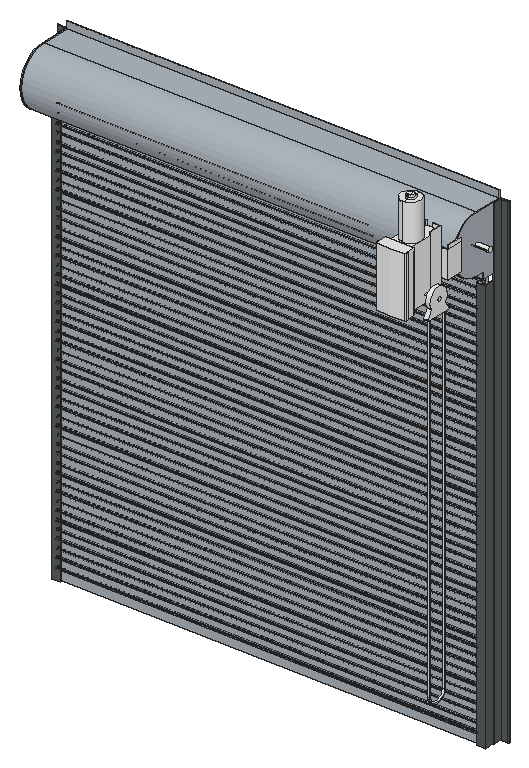
Revit family "Doors_Fire-Doors-Shutters_Wayne-Dalton_Insulated-Fire-Rated-Doors-FireStar-Model-700C_", category Specialty Equipment, host Wall, Revit 2019 (continued)
Definition of nested family "700C"
  Automatic sketch dimensions
    curve 5 to curve 7 = 0"
    curve 3 to curve 2 = 0"  (x2)
    curve 6 to curve 7 = 0"
    curve 4 to curve 3 = 0"
    curve 2 to plane 6 = 7.10337"
    curve 5 to plane 6 = 7.10337"
    curve 4 to curve 5 = 0"
    curve 6 to curve 5 = 0"
    curve 7 to curve 5 = 0"
    curve 2 to curve 1 = 2.35433"
    Extrusion 1 sketch curve to Extrusion 1 sketch curve = 0"  (x26)
    curve 1 to Extrusion 1 sketch curve = 4.98194"
    curve 1 to Extrusion 1 sketch curve = 0.53603"
    Extrusion 1 sketch curve to Extrusion 1 sketch curve = 0.06"  (x9)
    curve 1 to Extrusion 1 sketch curve = 0.81676"
    Extrusion 1 sketch curve to Extrusion 1 sketch curve = 0.02201"
    Extrusion 1 sketch curve to Extrusion 1 sketch curve = 0.00299"
    Extrusion 1 sketch curve to Extrusion 1 sketch curve = 0.025"  (x6)
    Extrusion 1 sketch curve to Extrusion 1 sketch curve = 0.1383"  (x4)
    Extrusion 1 sketch curve to Extrusion 1 sketch curve = 0.00862"  (x4)
    Extrusion 1 sketch curve to Extrusion 1 sketch curve = 0.12192"
    Extrusion 1 sketch curve to Extrusion 1 sketch curve = 0.21392"  (x5)
    Extrusion 1 sketch curve to Extrusion 1 sketch curve = 0.15392"
    Extrusion 1 sketch curve to Extrusion 1 sketch curve = 0.45808"  (x5)
    Extrusion 1 sketch curve to Extrusion 1 sketch curve = 0.58299"
    Extrusion 1 sketch curve to Extrusion 1 sketch curve = 0.01017"  (x5)
    curve 1 to Extrusion 1 sketch curve = 3.33821"
    curve 1 to Extrusion 1 sketch curve = 0.88821"
    Extrusion 1 sketch curve to Extrusion 1 sketch curve = 0.085"
    Extrusion 1 sketch curve to Extrusion 1 sketch curve = 1.75626"  (x4)
    Extrusion 1 sketch curve to Extrusion 1 sketch curve = 0.25114"  (x4)
    Extrusion 1 sketch curve to Extrusion 1 sketch curve = 0.00603"  (x3)
    Extrusion 1 sketch curve to Extrusion 1 sketch curve = 0.21577"  (x4)
    Extrusion 1 sketch curve to Extrusion 1 sketch curve = 0.2538"
    Extrusion 1 sketch curve to Extrusion 1 sketch curve = 0.06721"
    Extrusion 1 sketch curve to Extrusion 1 sketch curve = 0.04697"
    Extrusion 1 sketch curve to Extrusion 1 sketch curve = 0.09209"
    Extrusion 1 sketch curve to Extrusion 1 sketch curve = 0.14265"
    Extrusion 1 sketch curve to Extrusion 1 sketch curve = 0.11326"
  Nested families (in)
    nested 1: "Perforation" at (0, 0.375, 0.896), visible <- "Fenestration", Perforation <- "Cutout Material", type "Perforation"
      with Perforation none, Thickness 3/4"
    nested 2: "Perforation" at (0, 0.375, 3.346), visible <- "Fenestration", Perforation <- "Cutout Material", type "Perforation"
      with Perforation none, Thickness 3/4"
    nested 3: "Perforation" at (0, 0.375, 5.796), visible <- "Fenestration", Perforation <- "Cutout Material", type "Perforation"
      with Perforation none, Thickness 3/4"
    nested 4: "Perforation" at (0, 0.375, 8.246), visible <- "Fenestration", Perforation <- "Cutout Material", type "Perforation"
      with Perforation none, Thickness 3/4"
    nested 5: "Perforation" at (0, 0.375, 10.696), visible <- "Fenestration", Perforation <- "Cutout Material", type "Perforation"
      with Perforation none, Thickness 3/4"
    nested 6: "Perforation" at (0, 0.375, 10.696), visible <- "Perforation", Perforation <- "Cutout Material Perforation", type "Perforation"
      with Perforation none, Thickness 3/4"
    nested 7: "Perforation" at (0, 0.375, 8.246), visible <- "Perforation", Perforation <- "Cutout Material Perforation", type "Perforation"
      with Perforation none, Thickness 3/4"
    nested 8: "Perforation" at (0, 0.375, 5.796), visible <- "Perforation", Perforation <- "Cutout Material Perforation", type "Perforation"
      with Perforation none, Thickness 3/4"
    nested 9: "Perforation" at (0, 0.375, 3.346), visible <- "Perforation", Perforation <- "Cutout Material Perforation", type "Perforation"
      with Perforation none, Thickness 3/4"
    nested 10: "Perforation" at (0, 0.375, 0.896), visible <- "Perforation", Perforation <- "Cutout Material Perforation", type "Perforation"
      with Perforation none, Thickness 3/4"
  Definition of nested family "Perforation"
    Parameters (values of type "Perforation")
      Thickness = 0.06"
      Perforation [instance] = none
      Opening Width = 123 5/8"
      Offset = 1"
      Height = 3/4"
      Default Elevation = 48"
    Reference planes (in)
      plane 1 "Center (Front/Back)": y = 0
      plane 2: z = 0
      plane 3 "Center (Left/Right)": x = 0
      plane 4: z = 0.375
      plane 5: z = -0.375
      plane 6: y = -0.03
      plane 7: y = 0.03
      plane 8: x = -61.8125
      plane 9: x = 61.8125
      plane 10: x = -60.8125
      plane 11: x = 60.8125
    Forms (in)
      Extrusion 1, solid, material <- "Perforation"
        sketch origin (0, -0.19, 0) x (0, 1, 0) y (0, 0, 1)
          loop
            line (0.16, 0.375) -> (0.16, -0.375) -> (0.22, -0.375) -> (0.22, 0.375) -> (0.16, 0.375)
        from -60.8125 to 60.8125
    Dimensions and locks (in)
      equal spacing: plane 4, level, plane 5
      "Height": plane 4 to plane 5
      equal spacing: plane 6, plane 1 "Center (Front/Back)", plane 7
      "Thickness": plane 6 to plane 7
      "Opening Width": plane 8 to plane 9
      "Offset": plane 8 to plane 10
      "Offset": plane 9 to plane 11
      equal spacing: plane 8, plane 3 "Center (Left/Right)", plane 9
      aligned and locked: plane 2 to level
      aligned and locked: plane 4 to Extrusion 1
      aligned and locked: Extrusion 1 to plane 5
      aligned and locked: plane 6 to Extrusion 1
      aligned and locked: plane 7 to Extrusion 1
      aligned and locked: Extrusion 1 to plane 10
      aligned and locked: plane 11 to Extrusion 1
    Automatic sketch dimensions
      Extrusion 1 sketch curve to level = 3/8"
      plane 1 "Center (Front/Back)" to Extrusion 1 sketch curve = 0.03"
      Extrusion 1 sketch curve to plane 1 "Center (Front/Back)" = 0.03"
      plane 4 to Extrusion 1 sketch curve = 0"
Definition of nested family "Lifts"
  Parameters (values of type "Frame Unit")
    Void Offset = if(Manual, Header Width, 2")  # 16"
    True Width = if(Between Jambs, Opening Width, Opening Width + 1/2")  # 120 1/2"
    Slat Option = 1
    Side Clearance R = 9 1/16"
    Side Clearance L = 7 1/16"
    Round Hood [instance] = 1 = 1  # yes
    Rough Width = 0"
    Rough Height = 0"
    No Hood [instance] = no
    Manual = yes
    M Value = 3 5/16"
    Hood Offset = 2"
    Hood Height = Headroom Height Real - Hood Offset  # 16"
    Headroom Height Real = Headroom Height  # 18"
    Half Hood Height = Headroom Height - Hood Offset  # 16"
    Guide Z Wide R = if(Between Jambs, (Guide Offset R - G Value) / 3 * 2, G Value - 1/4")  # 2 9/16"
    Guide Z Wide L = if(Between Jambs, (Guide Offset L - G Value) / 3 * 2, G Value - 1/4")  # 2 9/16"
    Guide Offset R = BJ Displacement R + G Value  # 2 13/16"
    Guide Offset L = BJ Displacement L + G Value  # 2 13/16"
    G Value = 2 13/16"
    E Guide Width R = if(Between Jambs, (Guide Offset R - G Value) / 3 * 2, 3")  # 3"
    E Guide Width L = if(Between Jambs, (Guide Offset L - G Value) / 3 * 2, 3")  # 3"
    E Guide Height = 3"  # constant formula
    Z Guide = 1 = 1  # yes
    Slat Material = none
    Shaft Offset = (Hood Height - 2") / 2  # 7"
    Shaft Material = none
    Shaft Length 2 = G Value + 4"  # 6 13/16"
    Shaft Length 1 = G Value + 4"  # 6 13/16"
    Setback = if(Between Jambs, 0", 1/4")  # 1/4"
    Radius Hood = Shaft Offset  # 7"
    Opening Width = 120"
    Hood Material = none
    Headroom Height = 18"
    Header Width = 16"
    Opening Height = 120"
    Guide Type = if(Between Jambs, "Angled Between Jambs Z Guide", if(Guide Option > 1, "Angled Z Guide", "Angled E Guide"))  # "Angled Z Guide"
    Guide Option = if(Between Jambs, 1, 2)  # 2
    Guide Z Height = 2 3/4"  # constant formula
    Floor To (CL) of Shaft = 131"
    Finish Material = none
    Face to Wall Mount = not(Between Jambs)  # yes
    E Guide = if(Between Jambs, 1 = 1, 1 = 2)  # no
    D Value = 5 1/2"
    Between Jambs = no
    BJ Position = if(Between Jambs, 1/4", 0")  # 0"
    BJ Displacement R = if(Face to Wall Mount, 0", Side Clearance R - G Value)  # 0"
    BJ Displacement L = if(Face to Wall Mount, 0", Side Clearance L - G Value)  # 0"
    Angled Guide = 1 = 1  # yes
  Reference planes (in)
    plane 1 "Center (Front/Back)": y = 0
    plane 2: z = 0
    plane 3 "Center (Left/Right)": x = 0
    plane 4 "Opening Height": z = 120
    plane 5: x = -66.8125
    plane 6: x = 66.8125
    plane 7: z = 138
    plane 8: y = 16
    plane 9 "Real Opening 2": x = -60
    plane 10 "Real Opening 1": x = 60
    plane 11: z = 122
    plane 12 "Main": y = 0
    plane 13: z = 131
    plane 14: y = 9
    plane 15: x = 62.8125
    plane 16: x = -62.8125
    plane 17: x = -62.8125
    plane 18: x = 62.8125
    plane 19: y = 5.5
    plane 20: x = -62.5625
    plane 21: x = 62.5625
    plane 22: z = 140
    plane 23: y = 5.5
    plane 24: y = 4.375
    plane 25: y = 5.5
    plane 26: y = 4.375
  Forms (in)
    Extrusion 1, solid, material <- "Slat Material"
      sketch origin (0, 0, 0) x (0, 1, 0) y (0, 0, 1)
        loop
          line (4.75, 2.375) -> (4.75, 2.75) -> (4, 2.75) -> (4, 2.375) -> (4.75, 2.375)
      from -62.5625 to 62.5625
    Extrusion 2, solid, material <- "Slat Material"
      sketch origin (0, 0, 0) x (0, 1, 0) y (0, 0, 1)
        loop
          line (4.75, 2.375) -> (4, 2.375) -> (4, 0) -> (4.75, 0) -> (4.75, 2.375)
      from -62.5625 to 62.5625
    Extrusion 3, solid, material <- "Shaft Material"
      sketch origin (0, -5.35201, 0) x (0, 1, 0) y (0, 0, 1)
        loop
          circle (14.35201, 131) r 0.6
      from -66.8125 to 66.8125
    Extrusion 4, solid, material <- "Hood Material"
      sketch origin (0, 0, 0) x (0, 1, 0) y (0, 0, 1)
        loop
          line (0, 138) -> (0, 122) -> (6, 122) -> (6, 124) -> (9, 124)
          arc (9, 124) -> (16, 131) -> (9, 138) r 7
          line (9, 138) -> (0, 138)
      from -62.8125 to 62.8125
    Extrusion 5, solid, material <- "Finish Material", visible <- "E Guide"
      sketch origin (0, 0, 0) x (1, 0, 0) y (0, 1, 0)
        loop
          line (59.8125, 0) -> (62.8125, 0) -> (62.8125, 3) -> (62.75, 3)
          arc (62.75, 3) -> (62.61742, 2.94508) -> (62.5625, 2.8125) r 0.1875
          line (62.5625, 2.8125) -> (62.5625, 0.25) -> (60, 0.25)
          arc (60, 0.25) -> (59.86742, 0.19508) -> (59.8125, 0.0625) r 0.1875
          line (59.8125, 0.0625) -> (59.8125, 0)
        loop
          line (-59.8125, 0) -> (-59.8125, 0.0625)
          arc (-59.8125, 0.0625) -> (-59.86742, 0.19508) -> (-60, 0.25) r 0.1875
          line (-60, 0.25) -> (-62.5625, 0.25) -> (-62.5625, 2.8125)
          arc (-62.5625, 2.8125) -> (-62.61742, 2.94508) -> (-62.75, 3) r 0.1875
          line (-62.75, 3) -> (-62.8125, 3) -> (-62.8125, 0) -> (-59.8125, 0)
      from 0 to 138
    Extrusion 6, solid, material <- "Finish Material", visible <- "Z Guide"
      sketch origin (0, 0, 0) x (1, 0, 0) y (0, 1, 0)
        loop
          line (65.375, 0) -> (65.375, 0.062)
          arc (65.375, 0.062) -> (65.31994, 0.19494) -> (65.187, 0.25) r 0.188
          line (65.187, 0.25) -> (63.0625, 0.25) -> (63.0625, 2.562)
          arc (63.0625, 2.562) -> (63.00744, 2.69494) -> (62.8745, 2.75) r 0.188
          line (62.8745, 2.75) -> (62.8125, 2.75) -> (62.8125, 0) -> (65.375, 0)
        loop
          line (-65.375, 0) -> (-62.8125, 0) -> (-62.8125, 2.75) -> (-62.8745, 2.75)
          arc (-62.8745, 2.75) -> (-63.00744, 2.69494) -> (-63.0625, 2.562) r 0.188
          line (-63.0625, 2.562) -> (-63.0625, 0.25) -> (-65.187, 0.25)
          arc (-65.187, 0.25) -> (-65.31994, 0.19494) -> (-65.375, 0.062) r 0.188
          line (-65.375, 0.062) -> (-65.375, 0)
      from 0 to 138
    Extrusion 7, solid, material <- "Finish Material", visible <- "Angled Guide"
      sketch origin (0, 0, 0) x (1, 0, 0) y (0, 1, 0)
        loop
          line (60.25, 5.5) -> (60.25, 5.437)
          arc (60.25, 5.437) -> (60.30477, 5.30477) -> (60.437, 5.25) r 0.187
          line (60.437, 5.25) -> (62.5625, 5.25) -> (62.5625, 3.5) -> (60.25, 3.5) -> (60.25, 3.437)
          arc (60.25, 3.437) -> (60.30477, 3.30477) -> (60.437, 3.25) r 0.187
          line (60.437, 3.25) -> (62.3125, 3.25) -> (62.3125, 1.25) -> (62.8125, 1.25) -> (62.8125, 5.5) -> (60.25, 5.5)
        loop
          line (-60.25, 5.5) -> (-62.8125, 5.5) -> (-62.8125, 1.25) -> (-62.3125, 1.25) -> (-62.3125, 3.25) -> (-60.437, 3.25)
          arc (-60.437, 3.25) -> (-60.30477, 3.30477) -> (-60.25, 3.437) r 0.187
          line (-60.25, 3.437) -> (-60.25, 3.5) -> (-62.5625, 3.5) -> (-62.5625, 5.25) -> (-60.437, 5.25)
          arc (-60.437, 5.25) -> (-60.30477, 5.30477) -> (-60.25, 5.437) r 0.187
          line (-60.25, 5.437) -> (-60.25, 5.5)
      from 0 to 120
    Extrusion 8, solid, material <- "Hood Material"
      sketch origin (0, 35, 0) x (0, 1, 0) y (0, 0, 1)
        loop
          line (-35, 138) -> (-35, 122) -> (-29, 122) -> (-29, 124) -> (-26, 124)
          arc (-26, 124) -> (-19, 131) -> (-26, 138) r 7
          line (-26, 138) -> (-35, 138)
      from -62.5625 to 62.5625
    Extrusion 9, void
      sketch origin (0, 0, 0) x (0, 1, 0) y (0, 0, 1)
        loop
          line (0, 138) -> (0, 122) -> (16, 122) -> (16, 138) -> (0, 138)
      from -62.5625 to 62.5625
    Extrusion 10, void
      sketch origin (0, 16, 76.97313) x (0, 0, 1) y (-1, 0, 0)
        loop
          line (63.02687, 69.0625) -> (47.02687, 69.0625) -> (47.02687, 60) -> (63.02687, 60) -> (63.02687, 69.0625)
      from 16 <- "Void Offset" to 0
  Cuts and joins
    Extrusion 9 cuts Extrusion 4
    Extrusion 10 cuts Extrusion 6
  Lines and regions (in)
    Masking region 1
      outline origin (0, 0, 0) x (1, 0, 0) y (0, 1, 0)
        loop
          line (66.8125, 9.6) -> (62.8125, 9.6) -> (62.8125, 8.4) -> (66.8125, 8.4) -> (66.8125, 9.6)
        loop
          line (-66.8125, 8.4) -> (-62.8125, 8.4) -> (-62.8125, 9.6) -> (-66.8125, 9.6) -> (-66.8125, 8.4)
    Masking region 2
      outline origin (0, 0, 0) x (1, 0, 0) y (0, 1, 0)
        loop
          line (-62.8125, 16) -> (-62.8125, 0) -> (62.8125, 0) -> (62.8125, 16) -> (-62.8125, 16)
    Masking region 3, visible <- "E Guide"
      outline origin (0, 0, 0) x (1, 0, 0) y (0, 1, 0)
        loop
          line (-62.8125, 3) -> (-62.8125, 0) -> (-59.8125, 0) -> (-59.8125, 0.0625)
          arc (-59.8125, 0.0625) -> (-59.86742, 0.19508) -> (-60, 0.25) r 0.1875
          line (-60, 0.25) -> (-62.5625, 0.25) -> (-62.5625, 2.8125)
          arc (-62.5625, 2.8125) -> (-62.61742, 2.94508) -> (-62.75, 3) r 0.1875
          line (-62.75, 3) -> (-62.8125, 3)
        loop
          line (62.8125, 0) -> (62.8125, 3) -> (62.75, 3)
          arc (62.75, 3) -> (62.61742, 2.94508) -> (62.5625, 2.8125) r 0.1875
          line (62.5625, 2.8125) -> (62.5625, 0.25) -> (60, 0.25)
          arc (60, 0.25) -> (59.86742, 0.19508) -> (59.8125, 0.0625) r 0.1875
          line (59.8125, 0.0625) -> (59.8125, 0) -> (62.8125, 0)
    Masking region 4
      outline origin (0, 0, 0) x (1, 0, 0) y (0, 1, 0)
        loop
          line (-63.0625, 0.25) -> (-65.187, 0.25)
          arc (-65.187, 0.25) -> (-65.31994, 0.19494) -> (-65.375, 0.062) r 0.188
          line (-65.375, 0.062) -> (-65.375, 0) -> (-62.8125, 0) -> (-62.8125, 2.75) -> (-62.8745, 2.75)
          arc (-62.8745, 2.75) -> (-63.00744, 2.69494) -> (-63.0625, 2.562) r 0.188
          line (-63.0625, 2.562) -> (-63.0625, 0.25)
        loop
          line (62.8125, 2.75) -> (62.8125, 0) -> (65.375, 0) -> (65.375, 0.062)
          arc (65.375, 0.062) -> (65.31994, 0.19494) -> (65.187, 0.25) r 0.188
          line (65.187, 0.25) -> (63.0625, 0.25) -> (63.0625, 2.562)
          arc (63.0625, 2.562) -> (63.00744, 2.69494) -> (62.8745, 2.75) r 0.188
          line (62.8745, 2.75) -> (62.8125, 2.75)
    symbolic lines
      curve 1: line (-62.5625, 0, 0) -> (-62.5625, 16, 0)
      curve 2: line (62.5625, 16, 0) -> (62.5625, 0, 0)
  Dimensions and locks (in)
    Extrusion 1 sketch curve to level = 2 3/8"
    Extrusion 1 sketch curve to Extrusion 1 sketch curve = 3/4"
    locked: Extrusion 2 sketch curve to level at 2.375
    "Headroom Height Real": plane 7 to plane 4 "Opening Height"
    plane 8 to plane 1 "Center (Front/Back)" = 16"
    "Opening Height": plane 4 "Opening Height" to level
    "Hood Offset": plane 11 to plane 4 "Opening Height"
    "BJ Position": plane 12 "Main" to plane 1 "Center (Front/Back)"
    "Header Width": plane 12 "Main" to plane 8
    "Floor To (CL) of Shaft": plane 13 to level
    "Shaft Offset": Extrusion 3 sketch curve to plane 8
    locked: Extrusion 2 sketch curve to Extrusion 2 sketch curve at 0.75
    "Shaft Offset": plane 8 to plane 14
    locked: Masking region 1 sketch curve to Masking region 1 sketch curve at 1.2
    locked: Masking region 1 sketch curve to plane 14 at 0.6
    "Guide Offset L": plane 10 "Real Opening 1" to plane 15
    "Guide Offset R": plane 16 to plane 9 "Real Opening 2"
    locked: Extrusion 5 sketch curve to Extrusion 5 sketch curve at 0.25  (x4)
    "E Guide Height": Extrusion 5 sketch curve to Extrusion 5 sketch curve  (x2)
    "E Guide Width L": Extrusion 5 sketch curve to Extrusion 5 sketch curve
    "E Guide Width R": Extrusion 5 sketch curve to Extrusion 5 sketch curve
    locked: Extrusion 6 sketch curve to Extrusion 6 sketch curve at 0.25  (x4)
    "Guide Z Wide L": Extrusion 6 sketch curve to Extrusion 6 sketch curve
    "Guide Z Height": Extrusion 6 sketch curve to Extrusion 6 sketch curve  (x2)
    "Guide Z Wide R": Extrusion 6 sketch curve to Extrusion 6 sketch curve
    locked: Extrusion 7 sketch curve to Extrusion 7 sketch curve at 0.25  (x6)
    locked: Extrusion 7 sketch curve to Extrusion 7 sketch curve at 2.25  (x2)
    locked: Extrusion 7 sketch curve to Extrusion 7 sketch curve at 4.25  (x2)
    "Setback": plane 10 "Real Opening 1" to Extrusion 7 sketch curve
    "Setback": Extrusion 7 sketch curve to plane 9 "Real Opening 2"
    "G Value": Extrusion 6 sketch curve to plane 9 "Real Opening 2"
    "G Value": plane 10 "Real Opening 1" to Extrusion 6 sketch curve
    "G Value": plane 10 "Real Opening 1" to plane 18
    "G Value": plane 17 to plane 9 "Real Opening 2"
    "Shaft Length 1": plane 5 to plane 9 "Real Opening 2"
    "Shaft Length 2": plane 6 to plane 10 "Real Opening 1"
    locked: Extrusion 2 to plane 18 at 0.25
    locked: Extrusion 2 to plane 17 at 0.25
    locked: plane 17 to plane 20 at 0.25
    locked: plane 21 to plane 18 at 0.25
    equal spacing: plane 9 "Real Opening 2", plane 3 "Center (Left/Right)", plane 10 "Real Opening 1"
    "Opening Width": plane 9 "Real Opening 2" to plane 10 "Real Opening 1"
    locked: plane 22 to plane 7 at 2
    "D Value": plane 1 "Center (Front/Back)" to plane 19
    "D Value": plane 23 to plane 1 "Center (Front/Back)"
    locked: plane 23 to plane 24 at 1.125
    equal spacing: Extrusion 1 sketch curve, plane 24, Extrusion 1 sketch curve
    "D Value": plane 25 to plane 1 "Center (Front/Back)"
    locked: plane 25 to plane 26 at 1.125
    equal spacing: Extrusion 2 sketch curve, plane 26, Extrusion 2 sketch curve
    "G Value": plane 10 "Real Opening 1" to Extrusion 7 sketch curve
    "G Value": Extrusion 7 sketch curve to plane 9 "Real Opening 2"
    locked: Extrusion 4 sketch curve to Extrusion 4 sketch curve at 6
    "Shaft Offset": Extrusion 4 sketch curve to plane 8
    locked: Extrusion 4 sketch curve to plane 11 at 2
    Extrusion 6 to plane 8 = 16"
    locked: Extrusion 8 sketch curve to Extrusion 8 sketch curve at 6
    "Shaft Offset": Extrusion 8 sketch curve to plane 8
    locked: Extrusion 8 sketch curve to plane 11 at 2
    locked: Extrusion 10 sketch curve to plane 11 at 2
    "Side Clearance R": Extrusion 10 sketch curve to Extrusion 10 sketch curve
    radius of Extrusion 5 sketch curve = 3/16"  (x4)
    radius of Extrusion 6 sketch curve = 0.188"  (x4)
    locked: Extrusion 7 sketch curve to Extrusion 7 sketch curve (radius 0.187")  (x4)
    aligned and locked: plane 2 to level
    aligned and locked: plane 5 to Extrusion 3
    aligned and locked: Extrusion 3 to plane 6
    aligned and locked: Extrusion 4 sketch curve to plane 7
    aligned and locked: plane 13 to Extrusion 3 sketch curve
    aligned and locked: plane 5 to Masking region 1 sketch curve
    aligned and locked: plane 6 to Masking region 1 sketch curve
    aligned and locked: Masking region 1 sketch curve to Masking region 1 sketch curve  (x2)
    aligned and locked: plane 12 "Main" to Extrusion 5 sketch curve  (x2)
    aligned and locked: Extrusion 5 sketch curve to plane 15
    aligned and locked: plane 16 to Extrusion 5 sketch curve
    aligned and locked: Extrusion 6 sketch curve to plane 1 "Center (Front/Back)"  (x2)
    aligned and locked: plane 19 to Extrusion 7 sketch curve
    aligned and locked: Extrusion 7 sketch curve to Extrusion 7 sketch curve  (x2)
    aligned and locked: Extrusion 7 sketch curve to plane 19
    aligned and locked: plane 4 "Opening Height" to Extrusion 7
    aligned and locked: Extrusion 4 sketch curve to plane 12 "Main"
    aligned and locked: Masking region 2 to curve 2  (x2)
    aligned and locked: Masking region 2 to curve 1  (x2)
    aligned and locked: Masking region 3 sketch curve to Extrusion 5  (x10)
    aligned and locked: Extrusion 2 to Extrusion 1
    aligned and locked: Extrusion 1 to Extrusion 2
    aligned and locked: Masking region 2 to plane 17
    aligned and locked: Masking region 2 to plane 18
    aligned and locked: plane 18 to Masking region 1 sketch curve
    aligned and locked: Masking region 1 sketch curve to plane 17
    aligned and locked: plane 7 to Extrusion 5
    aligned and locked: Extrusion 4 sketch curve to plane 11
    aligned and locked: Extrusion 4 to plane 17
    aligned and locked: Extrusion 4 to plane 18
    aligned and locked: Extrusion 8 sketch curve to plane 7
    aligned and locked: Extrusion 8 sketch curve to plane 12 "Main"
    aligned and locked: Extrusion 8 sketch curve to plane 11
    aligned and locked: Extrusion 8 to plane 20
    aligned and locked: Extrusion 8 to plane 21
    aligned and locked: Extrusion 9 sketch curve to plane 12 "Main"
    aligned and locked: Extrusion 9 sketch curve to plane 11
    aligned and locked: Extrusion 9 sketch curve to plane 8
    aligned and locked: Extrusion 9 sketch curve to plane 7
    aligned and locked: Extrusion 9 to plane 20
    aligned and locked: Extrusion 9 to plane 21
    aligned and locked: Masking region 4 sketch curve to Extrusion 6  (x12)
    aligned and locked: Extrusion 6 to plane 7
    aligned and locked: Extrusion 10 sketch curve to plane 22
    aligned and locked: plane 8 to Extrusion 10
    aligned and locked: plane 9 "Real Opening 2" to Extrusion 10 sketch curve
  Automatic sketch dimensions
    curve 1 to plane 20 = 0"
    curve 2 to plane 21 = 0"
    Masking region 2 sketch curve to plane 1 "Center (Front/Back)" = 0"
    Masking region 2 sketch curve to plane 17 = 0"
    Masking region 2 sketch curve to plane 18 = 0"
    Masking region 2 sketch curve to plane 8 = 0"
    Extrusion 1 sketch curve to Extrusion 1 sketch curve = 3/8"
    Extrusion 2 sketch curve to level = 0"
    Extrusion 7 sketch curve to plane 20 = 1/4"
    plane 21 to Extrusion 7 sketch curve = 1/4"
    radius of Extrusion 3 sketch curve = 0.6"
Definition of nested family "Label Annotation 1"
  Parameters (values of type "Label Annotation 1-8")
    Label = "Area is too big. Please reduce Door Size."
  Reference planes (in)
    plane 1: y = 0
    plane 2: x = 0
  Text (in)
    label "Label" at (0.00375, -0.00345, 0), shows "Label"
Definition of nested family "Warning Sign"
  Parameters (values of type "Warning Sign")
    Warning Sign [instance] = no
    Default Elevation = 48"
  Reference planes (in)
    plane 1 "Center (Front/Back)": y = 0
    plane 2: z = 0
    plane 3 "Center (Left/Right)": x = 0
    plane 4: y = 0.5
    plane 5: y = -0.5
    plane 6: y = 1
    plane 7: y = 0.25
  Lines and regions (in)
    model lines
      curve 1: line (-2.26129, 1, 45.69444) -> (-26.3817, 1, 3.91667)
      curve 2: line (-25.25106, 1, 3.26389) -> (-1.13064, 1, 45.04167)
      curve 3: arc (2.26129, 1, 45.69444) -> (0, 1, 47) -> (-2.26129, 1, 45.69444) r 2.61111
      curve 4: arc (-1.13064, 1, 45.04167) -> (0, 1, 45.69444) -> (1.13064, 1, 45.04167) r 1.30556
      curve 5: line (1.13064, 1, 45.04167) -> (25.25106, 1, 3.26389)
      curve 6: line (26.3817, 1, 3.91667) -> (2.26129, 1, 45.69444)
      curve 7: arc (25.25106, 1, 3.26389) -> (25.25106, 1, 1.95833) -> (24.12041, 1, 1.30556) r 1.30556
      curve 8: arc (24.12041, 1, 0) -> (26.3817, 1, 1.30556) -> (26.3817, 1, 3.91667) r 2.61111
      curve 9: line (24.12041, 1, 1.30556) -> (-24.12041, 1, 1.30556)
      curve 10: line (-24.12041, 1, 0) -> (24.12041, 1, 0)
      curve 11: arc (-24.12041, 1, 1.30556) -> (-25.25106, 1, 1.95833) -> (-25.25106, 1, 3.26389) r 1.30556
      curve 12: arc (-26.3817, 1, 3.91667) -> (-26.3817, 1, 1.30556) -> (-24.12041, 1, 0) r 2.61111
      curve 13: arc (-2.29479, 1, 8.63537) -> (0, 1, 6.34057) -> (2.29479, 1, 8.63537) r 2.29479
      curve 14: arc (2.29479, 1, 8.63537) -> (0, 1, 10.93016) -> (-2.29479, 1, 8.63537) r 2.29479
      curve 15: arc (-1.6331, 1, 13.97069) -> (0.03439, 1, 12.53727) -> (1.69278, 1, 13.98121) r 1.68043
      curve 16: line (-3.77413, 1, 28.37873) -> (-1.6331, 1, 13.97069)
      curve 17: line (1.69278, 1, 13.98121) -> (3.73924, 1, 28.37873)
      curve 18: arc (3.73924, 1, 28.37873) -> (-0.01745, 1, 32.13541) -> (-3.77413, 1, 28.37873) r 3.75668
      curve 19: line (-2.26129, -0.5, 45.69444) -> (-26.3817, -0.5, 3.91667)
      curve 20: line (-25.25106, -0.5, 3.26389) -> (-1.13064, -0.5, 45.04167)
      curve 21: arc (2.26129, -0.5, 45.69444) -> (0, -0.5, 47) -> (-2.26129, -0.5, 45.69444) r 2.61111
      curve 22: arc (-1.13064, -0.5, 45.04167) -> (0, -0.5, 45.69444) -> (1.13064, -0.5, 45.04167) r 1.30556
      curve 23: line (1.13064, -0.5, 45.04167) -> (25.25106, -0.5, 3.26389)
      curve 24: line (26.3817, -0.5, 3.91667) -> (2.26129, -0.5, 45.69444)
      curve 25: arc (25.25106, -0.5, 3.26389) -> (25.25106, -0.5, 1.95833) -> (24.12041, -0.5, 1.30556) r 1.30556
      curve 26: arc (24.12041, -0.5, 0) -> (26.3817, -0.5, 1.30556) -> (26.3817, -0.5, 3.91667) r 2.61111
      curve 27: line (24.12041, -0.5, 1.30556) -> (-24.12041, -0.5, 1.30556)
      curve 28: line (-24.12041, -0.5, 0) -> (24.12041, -0.5, 0)
      curve 29: arc (-24.12041, -0.5, 1.30556) -> (-25.25106, -0.5, 1.95833) -> (-25.25106, -0.5, 3.26389) r 1.30556
      curve 30: arc (-26.3817, -0.5, 3.91667) -> (-26.3817, -0.5, 1.30556) -> (-24.12041, -0.5, 0) r 2.61111
      curve 31: arc (-2.29479, -0.5, 8.63537) -> (0, -0.5, 6.34057) -> (2.29479, -0.5, 8.63537) r 2.29479
      curve 32: arc (2.29479, -0.5, 8.63537) -> (0, -0.5, 10.93016) -> (-2.29479, -0.5, 8.63537) r 2.29479
      curve 33: arc (-1.6331, -0.5, 13.97069) -> (0.03439, -0.5, 12.53727) -> (1.69278, -0.5, 13.98121) r 1.68043
      curve 34: line (-3.77413, -0.5, 28.37873) -> (-1.6331, -0.5, 13.97069)
      curve 35: line (1.69278, -0.5, 13.98121) -> (3.73924, -0.5, 28.37873)
      curve 36: arc (3.73924, -0.5, 28.37873) -> (-0.01745, -0.5, 32.13541) -> (-3.77413, -0.5, 28.37873) r 3.75668
  Dimensions and locks (in)
    locked: plane 1 "Center (Front/Back)" to plane 4 at 0.5
    equal spacing: plane 1 "Center (Front/Back)", plane 7, plane 4
    locked: plane 4 to plane 6 at 0.5
    locked: plane 5 to plane 1 "Center (Front/Back)" at 0.5
    aligned and locked: plane 2 to level
  Automatic sketch dimensions
    curve 21 to curve 22 = 0"  (x2)
    curve 25 to curve 26 = 0"  (x2)
    curve 29 to curve 30 = 0"  (x2)
    curve 31 to curve 32 = 0"  (x2)
    curve 21 to plane 3 "Center (Left/Right)" = 0"
    curve 31 to plane 3 "Center (Left/Right)" = 0"
    curve 30 to level = 0"
    level to curve 27 = 1.30556"
    curve 26 to curve 27 = 1.30556"
    curve 29 to curve 27 = 1.30556"
    curve 23 to curve 25 = 0.65278"
    curve 20 to curve 29 = 0.65278"
    curve 24 to curve 23 = 0.65278"
    curve 19 to curve 20 = 0.65278"
    level to curve 32 = 8.63537"
    curve 34 to plane 3 "Center (Left/Right)" = 1.6331"
    curve 34 to curve 31 = 5.33532"
    plane 3 "Center (Left/Right)" to curve 35 = 1.69278"
    curve 35 to curve 34 = 0.01052"
    plane 3 "Center (Left/Right)" to curve 33 = 0.02908"
    curve 36 to plane 3 "Center (Left/Right)" = 0.01745"
    curve 36 to curve 33 = 14.16104"
    curve 22 to curve 36 = 16.01016"
    plane 3 "Center (Left/Right)" to curve 23 = 1.13064"
    curve 23 to curve 21 = 0.65278"
    curve 20 to plane 3 "Center (Left/Right)" = 1.13064"
    plane 3 "Center (Left/Right)" to curve 24 = 2.26129"
    curve 24 to curve 22 = 0.65278"
    curve 19 to plane 3 "Center (Left/Right)" = 2.26129"
    curve 34 to curve 36 = 3.75668"
    curve 30 to plane 3 "Center (Left/Right)" = 24.12041"
    plane 3 "Center (Left/Right)" to curve 25 = 24.12041"
    curve 31 to curve 31 = 2.29479"
    curve 3 to curve 4 = 0"  (x2)
    curve 7 to curve 8 = 0"  (x2)
    curve 11 to curve 12 = 0"  (x2)
    curve 13 to curve 14 = 0"  (x2)
    curve 3 to plane 3 "Center (Left/Right)" = 0"
    curve 13 to plane 3 "Center (Left/Right)" = 0"
    curve 12 to level = 0"
    level to curve 9 = 1.30556"
    curve 8 to curve 9 = 1.30556"
    curve 11 to curve 9 = 1.30556"
    curve 5 to curve 7 = 0.65278"
    curve 2 to curve 11 = 0.65278"
    curve 6 to curve 5 = 0.65278"
    curve 1 to curve 2 = 0.65278"
    level to curve 14 = 8.63537"
    curve 16 to plane 3 "Center (Left/Right)" = 1.6331"
    curve 16 to curve 13 = 5.33532"
    plane 3 "Center (Left/Right)" to curve 17 = 1.69278"
    curve 17 to curve 16 = 0.01052"
    plane 3 "Center (Left/Right)" to curve 15 = 0.02908"
    curve 18 to plane 3 "Center (Left/Right)" = 0.01745"
    curve 18 to curve 15 = 14.16104"
    curve 4 to curve 18 = 16.01016"
    plane 3 "Center (Left/Right)" to curve 5 = 1.13064"
    curve 5 to curve 3 = 0.65278"
    curve 2 to plane 3 "Center (Left/Right)" = 1.13064"
    plane 3 "Center (Left/Right)" to curve 6 = 2.26129"
    curve 6 to curve 4 = 0.65278"
    curve 1 to plane 3 "Center (Left/Right)" = 2.26129"
    curve 16 to curve 18 = 3.75668"
    curve 12 to plane 3 "Center (Left/Right)" = 24.12041"
    plane 3 "Center (Left/Right)" to curve 7 = 24.12041"
    curve 13 to curve 13 = 2.29479"
Types (6): name | Voltage | Number of Poles | Lift Up | Chain Hoist | Connector Array | Apparent Load Phase 3 | Apparent Load Phase 2 | Apparent Load Phase 1
  115 volts, one phase, 60 Hz (110-120V range) | 115 V | 1 | no | no | 3 | 0 VA | 0 VA | 2300 VA
  Chain Hoist | 115 V | 1 | no | yes | 2 | 0 VA | 0 VA | 2300 VA
  Manual push-up | 115 V | 1 | yes | no | 3 | 0 VA | 0 VA | 2300 VA
  230 volts, three phase, 60 Hz (208-245V range) | 230 V | 3 | no | no | 3 | 2655.81 VA | 2655.81 VA | 2655.81 VA
  230 volts, single phase, 60 Hz (208-245V range) | 230 V | 1 | no | no | 3 | 0 VA | 0 VA | 4600 VA
  460 volts, three phase, 60 Hz (456-495V range) | 460 V | 3 | no | no | 3 | 5311.62 VA | 5311.62 VA | 5311.62 VA
